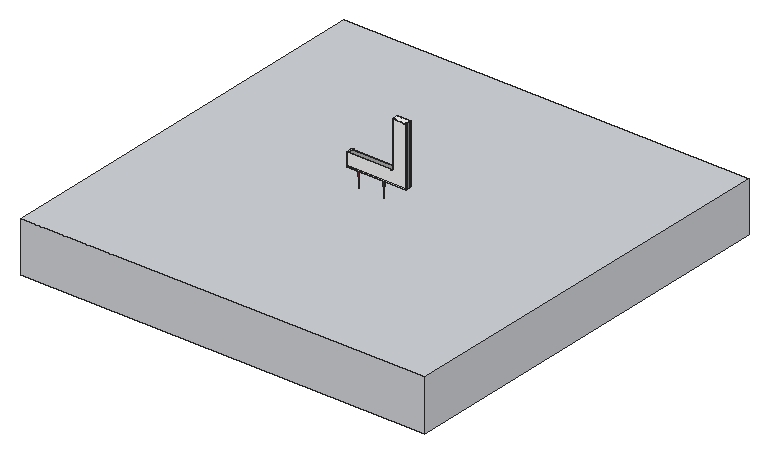
Revit family "LAMP_FIL 35 CORNER OPAL SURFACE VCI", category Luminarias, Revit 2018
Family settings
  Anfitrión = Cara
  Cota de conector redondo = Diámetro de uso
  Tipo de pieza = Normal
  Corte con vacíos al cargar = No
  Origen de luz = Sí
  Compartido = No
  Punto de cálculo de habitación = No
Parameters (values of type "577LM 3000K  BLACK")
  Ángulo de inclinación = -90.00°
  Weight = 1.54 kg
  Wattage = 2.93 W
  Type = "MID POWER TRIDONIC"
  built-in parameter 1150107 = 3000 (stored number, unit not read)
  Second light = LAMP_FIL 35 CORNER OPAL SURFACE HC_SECOND : 3000K
  NOT COVER 2 [instance] = not(END COVER 2)  # no
  NOT COVER 1 [instance] = not(END COVER 1)  # no
  END COVER 2 [instance] = yes
  END COVER 1 [instance] = yes
  Suspension distance [instance] = if(Suspension > 4000 mm, 4000 mm, if(Suspension < 1 mm, 1 mm, Suspension))  # 100 mm
  Suspension [instance] = 100 mm
  built-in parameter 1150110 = 1 (stored number, unit not read)
  built-in parameter 1150109 = 1 (stored number, unit not read)
  built-in parameter 1150112 = 1 (stored number, unit not read)
  built-in parameter 1150113 = 1 (stored number, unit not read)
  built-in parameter 1114218 = 1 (stored number, unit not read)
  Protection rating = "IP20 / IK07"
  Product datasheet = "http://www.lamp.es/product-files/TECH/F31SFVCILOOP830NB-EN.pdf"
  Product code = "F31SFVCILOOP830NB"
  Product URL = "https://www.lamp.es/en/family/fil-35_413911"
  Power Supply = "220-240V 50/60Hz"
  Power = 5 W
  Plum = 6.1 W
  Photobiological risk = ""
  built-in parameter 1150137 = (empty or 0)
  built-in parameter 1150132 = 2
  Modelo = Product code  # "F31SFVCILOOP830NB"
  Model Explanation = ""
  Material suspension = LAMP_Acero genérico
  Material perfil = LAMP_Aluminio Perfil Fil NG
  Material difusor = LAMP_PC Difusor Opal Fil
  Manufacturer name = "LAMP"
  Manufacturer country = "Spain"
  Manufacturer URL = "http://www.lamp.es/en"
  MacAdam = "3"
  Last update = "28/05/2021"
  Lamp = "MID-POWER LED"
  LED Lifetime = "60.000 L80 B10"
  built-in parameter 1150105 = 119.95 (stored number, unit not read)
  built-in parameter 1150102 = (empty or 0)
  Insulation class = "I"
  Installation instructions = "https://www.lamp.es/product-files/INS/1004590-A%20INSTR.%20FIL35.pdf"
  built-in parameter 1150106 = 1.1995 (stored number, unit not read)
  IEE = "A+"
  Gear = "Electronic"
  Lumens = 303.548 lm
  Finish = "Matte black RAL 9011"
  Color Filter = 16777215
  built-in parameter 1114217 = 1 (stored number, unit not read)
  built-in parameter 1150139 = (empty or 0)
  Fabricante = Manufacturer name  # "LAMP"
  Default Elevation = 1219.2 mm
  built-in parameter 1150104 = 9.6248 (stored number, unit not read)
  Efficacy = 94.6 lm/W
  Dimensions = "354x354x35"
  Descripción = "FIL35 VERT. IN. CORNER SUR 800 WW OPAL B"
  built-in parameter 1150115 = 1 (stored number, unit not read)
  built-in parameter 1150114 = 1 (stored number, unit not read)
  built-in parameter 1150138 = (empty or 0)
  built-in parameter 1150134 = 3
  Dimming Lamp Color Temperature Shift = (empty or 0)
  CRI = "80"
  Archivo de red fotométrica = "F31SF084LOOP830NB.IES"
  built-in parameter 1150133 = 10 (stored number, unit not read)
Types (12, lengths in mm): name | built-in parameter 1150107 | Product datasheet | Product code | Modelo | Material perfil | Finish | Descripción | Archivo de red fotométrica
  577LM 3000K DALI BLACK | 3000 (stored number, unit not read) | "http://www.lamp.es/product-files/TECH/F31SFVCILOOP830DB-EN.pdf" | "F31SFVCILOOP830DB" | "F31SFVCILOOP830DB" | LAMP_Aluminio Perfil Fil NG | "Matte black RAL 9011" | "FIL35 VERT IN CORNER SUR 800 WW OP DA BK" | "F31SF084LOOP830NB.IES"
  577LM 3000K DALI GREY | 3000 (stored number, unit not read) | "http://www.lamp.es/product-files/TECH/F31SFVCILOOP830DG-EN.pdf" | "F31SFVCILOOP830DG" | "F31SFVCILOOP830DG" | LAMP_Aluminio Perfil Fil GR | "Gloss grey" | "FIL35 VERT IN CORNER SUR 800 WW OP DA GR" | "F31SF084LOOP830NB.IES"
  577LM 3000K DALI WHITE | 3000 (stored number, unit not read) | "http://www.lamp.es/product-files/TECH/F31SFVCILOOP830DW-EN.pdf" | "F31SFVCILOOP830DW" | "F31SFVCILOOP830DW" | LAMP_Aluminio Perfil Fil BL | "Matte white RAL 9010" | "FIL35 VERT IN CORNER SUR 800 WW OP DA WH" | "F31SF084LOOP830NB.IES"
  577LM 3000K  BLACK | 3000 (stored number, unit not read) | "http://www.lamp.es/product-files/TECH/F31SFVCILOOP830NB-EN.pdf" | "F31SFVCILOOP830NB" | "F31SFVCILOOP830NB" | LAMP_Aluminio Perfil Fil NG | "Matte black RAL 9011" | "FIL35 VERT. IN. CORNER SUR 800 WW OPAL B" | "F31SF084LOOP830NB.IES"
  577LM 3000K  GREY | 3000 (stored number, unit not read) | "http://www.lamp.es/product-files/TECH/F31SFVCILOOP830NG-EN.pdf" | "F31SFVCILOOP830NG" | "F31SFVCILOOP830NG" | LAMP_Aluminio Perfil Fil GR | "Gloss grey" | "FIL35 VERT. IN. CORNER SUR 800 WW OPAL G" | "F31SF084LOOP830NB.IES"
  577LM 3000K  WHITE | 3000 (stored number, unit not read) | "http://www.lamp.es/product-files/TECH/F31SFVCILOOP830NW-EN.pdf" | "F31SFVCILOOP830NW" | "F31SFVCILOOP830NW" | LAMP_Aluminio Perfil Fil BL | "Matte white RAL 9010" | "FIL35 VERT. IN. CORNER SUR 800 WW OPAL W" | "F31SF084LOOP830NB.IES"
  577LM 4000K DALI BLACK | 4000 (stored number, unit not read) | "http://www.lamp.es/product-files/TECH/F31SFVCILOOP840DB-EN.pdf" | "F31SFVCILOOP840DB" | "F31SFVCILOOP840DB" | LAMP_Aluminio Perfil Fil NG | "Matte black RAL 9011" | "FIL35 VERT IN CORNER SUR 800 NW OP DA BK" | "F31SF084LOOP840NB.IES"
  577LM 4000K DALI GREY | 4000 (stored number, unit not read) | "http://www.lamp.es/product-files/TECH/F31SFVCILOOP840DG-EN.pdf" | "F31SFVCILOOP840DG" | "F31SFVCILOOP840DG" | LAMP_Aluminio Perfil Fil GR | "Gloss grey" | "FIL35 VERT IN CORNER SUR 800 NW OP DA GR" | "F31SF084LOOP840NB.IES"
  577LM 4000K DALI WHITE | 4000 (stored number, unit not read) | "http://www.lamp.es/product-files/TECH/F31SFVCILOOP840DW-EN.pdf" | "F31SFVCILOOP840DW" | "F31SFVCILOOP840DW" | LAMP_Aluminio Perfil Fil BL | "Matte white RAL 9010" | "FIL35 VERT IN CORNER SUR 800 NW OP DA WH" | "F31SF084LOOP840NB.IES"
  577LM 4000K  BLACK | 4000 (stored number, unit not read) | "http://www.lamp.es/product-files/TECH/F31SFVCILOOP840NB-EN.pdf" | "F31SFVCILOOP840NB" | "F31SFVCILOOP840NB" | LAMP_Aluminio Perfil Fil NG | "Matte black RAL 9011" | "FIL35 VERT. IN. CORNER SUR 800 NW OPAL B" | "F31SF084LOOP840NB.IES"
  577LM 4000K  GREY | 4000 (stored number, unit not read) | "http://www.lamp.es/product-files/TECH/F31SFVCILOOP840NG-EN.pdf" | "F31SFVCILOOP840NG" | "F31SFVCILOOP840NG" | LAMP_Aluminio Perfil Fil GR | "Gloss grey" | "FIL35 VERT. IN. CORNER SUR 800 NW OPAL G" | "F31SF084LOOP840NB.IES"
  577LM 4000K  WHITE | 4000 (stored number, unit not read) | "http://www.lamp.es/product-files/TECH/F31SFVCILOOP840NW-EN.pdf" | "F31SFVCILOOP840NW" | "F31SFVCILOOP840NW" | LAMP_Aluminio Perfil Fil BL | "Matte white RAL 9010" | "FIL35 VERT. IN. CORNER SUR 800 NW OPAL W" | "F31SF084LOOP840NB.IES"
Reference planes
  plane 1 "Centro (Frontal/Posterior)": y = 0
  plane 2: z = 0
  plane 3 "Centro (Izquierda/Derecha)": x = 0
  plane 4: z = 860.38
Forms (mm)
  Extrusion 1, solid
    sketch origin (0, 0, 0) x (1, 0, 0) y (0, 1, 0)
      loop
        line (-1219.2, 1219.2) -> (-1219.2, -1219.2) -> (1219.2, -1219.2) -> (1219.2, 1219.2) -> (-1219.2, 1219.2)
    from 0 to -304.8
  Extrusion 2, solid, material "LAMP_Acero genérico" <- "Material suspension"
    sketch origin (-540.625, 0, 0) x (0, -1, 0) y (0, 0, 1)
      loop
        line (-12.5, 101) -> (-15.291, 108.272) -> (-13.251, 109.7) -> (-14.251, 109.7) -> (-16.291, 108.272) -> (-13.116, 100) -> (0, 100) -> (13.116, 100) -> (16.291, 108.272) -> (14.251, 109.7) -> (13.251, 109.7) -> (15.291, 108.272) -> (12.5, 101) -> (0, 101) -> (-12.5, 101)
    from -400 to -378
  Extrusion 3, solid, material "LAMP_Acero genérico" <- "Material suspension"
    sketch origin (0, 365, 0) x (1, 0, 0) y (0, 1, 0)
      loop
        circle (0, -365) r 5
    from 63.2 to 100
  Extrusion 4, solid, material "LAMP_Acero genérico" <- "Material suspension"
    sketch origin (-151.625, -365, 0) x (1, 0, 0) y (0, 1, 0)
      loop
        circle (0, 365) r 5
    from 63.2 to 100
  Extrusion 5, solid, material "LAMP_Acero genérico" <- "Material suspension"
    sketch origin (0, 389, 0) x (1, 0, 0) y (0, 1, 0)
      loop
        circle (0, -389) r 1
    from 0 to 63.2
  Extrusion 6, solid, material "LAMP_Acero genérico" <- "Material suspension"
    sketch origin (-151.625, -389, 0) x (1, 0, 0) y (0, 1, 0)
      loop
        circle (0, 389) r 1
    from 0 to 63.2
  Extrusion 7, solid, material "LAMP_Acero genérico" <- "Material suspension"
    sketch origin (389, 0, 0) x (0, -1, 0) y (0, 0, -1)
      loop
        line (-12.5, -101) -> (0, -101) -> (12.5, -101) -> (15.291, -108.272) -> (13.251, -109.7) -> (14.251, -109.7) -> (16.291, -108.272) -> (13.116, -100) -> (0, -100) -> (-13.116, -100) -> (-16.291, -108.272) -> (-14.251, -109.7) -> (-13.251, -109.7) -> (-15.291, -108.272) -> (-12.5, -101)
    from -400 to -378
  Sweep 8, solid, material "LAMP_Aluminio Perfil Fil NG" <- "Material perfil"
    path origin (-656.504, 0, 800.1) x (-1, 0, 0) y (0, 0, -1)
      loop
        line (-761.225, 339.72) -> (-761.225, 654) -> (-446.945, 654)
    profile origin (104.721, 0, 303.24) x (0, -1, 0) y (1, 0, 0)
      loop
        line (17.75, -39.6) -> (17.75, 39.6) -> (16.75, 39.6) -> (16.75, 36.4) -> (12.5, 36.4) -> (12.5, 38.4) -> (14.8, 38.4) -> (13.6, 39.6) -> (11, 39.6) -> (11, 31.6) -> (0, 31.6) -> (-11, 31.6) -> (-11, 39.6) -> (-13.6, 39.6) -> (-14.8, 38.4) -> (-12.5, 38.4) -> (-12.5, 36.4) -> (-16.75, 36.4) -> (-16.75, 39.6) -> (-17.75, 39.6) -> (-17.75, -39.6)
        arc (-17.75, -39.6) -> (-16.75, -40.6) -> (-15.75, -39.6) r 1
        line (-15.75, -39.6) -> (-15.75, -38.1) -> (-13.95, -38.1) -> (-13.95, -12.9) -> (0, -12.9) -> (13.95, -12.9) -> (13.95, -38.1) -> (15.75, -38.1) -> (15.75, -39.6)
        arc (15.75, -39.6) -> (16.75, -40.6) -> (17.75, -39.6) r 1
  Sweep 9, solid, material "LAMP_PC Difusor Opal Fil" <- "Material difusor"
    path origin (0, 0, 228.35) x (1, 0, 0) y (0, 0, 1)
      loop
        line (104.721, 232.03) -> (104.721, -82.25) -> (-209.559, -82.25)
    profile origin (104.721, 0, 303.24) x (0, -1, 0) y (1, 0, 0)
      loop
        line (11, 31.6) -> (11, 39.6) -> (7.529, 39.6) -> (-11, 39.6) -> (-11, 31.6) -> (-10, 31.6) -> (-10, 38.6) -> (10, 38.6) -> (10, 31.6) -> (11, 31.6)
  Sweep 10, solid, material "LAMP_PC Difusor Opal Fil" <- "Material difusor"
    path origin (0, 0, 200) x (1, 0, 0) y (0, 0, 1)
      loop
        line (-209.559, -41) -> (91.821, -41) -> (91.821, 260.38)
    profile origin (-58.869, 0, 159) x (0, 0, 1) y (0, -1, 0)
      loop
        line (27.7, -15.75) -> (27.7, 15.75) -> (25.2, 15.75) -> (25.2, -15.75) -> (27.7, -15.75)
Lines and regions (mm)
  reference lines
    curve 1: line (0, -445.47, 100) -> (0, 544.53, 100)
    curve 2: line (0, 486.165, 184.2) -> (0, -348.835, 184.2)
Text (mm)
  text "Any modification of the parameters and properties of the LAMP BIM models must be executed and validated by the LAMP technical department.\nPhone: +34 93 736 68 00\nE-mail: lamp@lamp.es\n\nLAMP reserves the right to modify the technical specifications of its products." at (3279.264, 5298.162, -2684.539), in view "Preview"
Dimensions and locks
  "Suspension distance": level to curve 1
  locked: Extrusion 3 to Extrusion 3 at 36.8
  locked: Extrusion 4 to Extrusion 4 at 36.8
  curve 1 to curve 2 = 84.2 mm
  Sweep 8 to nested 1 to nested 1 = 136.84 mm locked, 0 mm
  aligned and locked: plane 2 to Extrusion 1
  aligned and locked: level to Extrusion 1
  aligned and locked: curve 1 to Extrusion 7
  aligned and locked: curve 1 to Extrusion 2
  aligned and locked: Extrusion 3 to curve 1
  aligned and locked: Extrusion 4 to curve 1
  aligned and locked: Extrusion 5 to Extrusion 3
  aligned and locked: Extrusion 6 to Extrusion 4
  aligned and locked: Sweep 8 to Extrusion 7
  aligned and locked: Sweep 9 to Sweep 8
  aligned and locked: curve 2 to Sweep 8
  aligned and locked: curve 2 to Sweep 10
  aligned and locked: imposter light to Sweep 10
  aligned and locked: nested 3 to Sweep 8
  aligned and locked: imposter light to nested 2
Automatic sketch dimensions
  Extrusion 1 sketch curve to Extrusion 1 sketch curve = 2438.4 mm  (x2)
  Extrusion 2 sketch curve to plane 1 "Centro (Frontal/Posterior)" = 0 mm  (x2)
  Extrusion 2 sketch curve to Extrusion 2 sketch curve = 12.5 mm
  Extrusion 2 sketch curve to Extrusion 2 sketch curve = 0.616 mm  (x2)
  Extrusion 2 sketch curve to Extrusion 2 sketch curve = 0.751 mm  (x2)
  Extrusion 2 sketch curve to Extrusion 2 sketch curve = 1 mm  (x5)
  Extrusion 2 sketch curve to Extrusion 2 sketch curve = 1.04 mm  (x2)
  plane 1 "Centro (Frontal/Posterior)" to Extrusion 2 sketch curve = 12.5 mm
  level to Extrusion 2 sketch curve = 100 mm
  Extrusion 2 sketch curve to Extrusion 2 sketch curve = 7.272 mm  (x2)
  Extrusion 2 sketch curve to Extrusion 2 sketch curve = 0 mm  (x2)
  Extrusion 2 sketch curve to Extrusion 2 sketch curve = 1.428 mm  (x2)
  plane 1 "Centro (Frontal/Posterior)" to Extrusion 3 sketch curve = 0 mm
  Extrusion 3 sketch curve to plane 3 "Centro (Izquierda/Derecha)" = 0 mm
  plane 1 "Centro (Frontal/Posterior)" to Extrusion 4 sketch curve = 0 mm
  plane 3 "Centro (Izquierda/Derecha)" to Extrusion 4 sketch curve = 151.625 mm
  plane 1 "Centro (Frontal/Posterior)" to Extrusion 5 sketch curve = 0 mm
  Extrusion 5 sketch curve to plane 3 "Centro (Izquierda/Derecha)" = 0 mm
  plane 1 "Centro (Frontal/Posterior)" to Extrusion 6 sketch curve = 0 mm
  plane 3 "Centro (Izquierda/Derecha)" to Extrusion 6 sketch curve = 151.625 mm
  Extrusion 7 sketch curve to plane 1 "Centro (Frontal/Posterior)" = 0 mm  (x2)
  Extrusion 7 sketch curve to plane 1 "Centro (Frontal/Posterior)" = 12.5 mm
  Extrusion 7 sketch curve to Extrusion 7 sketch curve = 0.616 mm  (x2)
  Extrusion 7 sketch curve to Extrusion 7 sketch curve = 0.751 mm  (x2)
  Extrusion 7 sketch curve to Extrusion 7 sketch curve = 1 mm  (x5)
  Extrusion 7 sketch curve to Extrusion 7 sketch curve = 1.04 mm  (x2)
  Extrusion 7 sketch curve to Extrusion 7 sketch curve = 12.5 mm
  level to Extrusion 7 sketch curve = 109.7 mm
  Extrusion 7 sketch curve to Extrusion 7 sketch curve = 0 mm  (x3)
  Extrusion 7 sketch curve to Extrusion 7 sketch curve = 1.428 mm  (x2)
  Extrusion 7 sketch curve to Extrusion 7 sketch curve = 7.272 mm
  plane 3 "Centro (Izquierda/Derecha)" to Sweep 8 sketch curve = 104.721 mm
  level to Sweep 8 sketch curve = 146.1 mm
  Sweep 8 sketch curve to plane 3 "Centro (Izquierda/Derecha)" = 209.559 mm
  Sweep 8 sketch curve to Sweep 8 sketch curve = 314.28 mm
  plane 1 "Centro (Frontal/Posterior)" to Sweep 8 sketch curve = 0 mm  (x2)
  Sweep 8 sketch curve to Sweep 8 sketch curve = 11 mm
  Sweep 8 sketch curve to Sweep 8 sketch curve = 1.5 mm  (x4)
  Sweep 8 sketch curve to Sweep 8 sketch curve = 1.1 mm  (x2)
  Sweep 8 sketch curve to Sweep 8 sketch curve = 13.95 mm
  Sweep 8 sketch curve to Sweep 8 sketch curve = 1.2 mm  (x6)
  Sweep 8 sketch curve to Sweep 8 sketch curve = 1.8 mm  (x2)
  Sweep 8 sketch curve to Sweep 8 sketch curve = 1 mm  (x3)
  plane 1 "Centro (Frontal/Posterior)" to Sweep 8 sketch curve = 11 mm
  plane 1 "Centro (Frontal/Posterior)" to Sweep 8 sketch curve = 13.95 mm
  Sweep 8 sketch curve to Sweep 8 sketch curve = 1.95 mm
  profile plane to Sweep 8 sketch curve = 39.6 mm
  Sweep 8 sketch curve to Sweep 8 sketch curve = 0 mm
  profile plane to Sweep 8 sketch curve = 12.9 mm
  Sweep 8 sketch curve to profile plane = 31.6 mm
  Sweep 8 sketch curve to Sweep 8 sketch curve = 4.8 mm  (x2)
  Sweep 8 sketch curve to Sweep 8 sketch curve = 2 mm  (x2)
  plane 3 "Centro (Izquierda/Derecha)" to Sweep 9 sketch curve = 104.721 mm
  level to Sweep 9 sketch curve = 146.1 mm
  Sweep 9 sketch curve to plane 3 "Centro (Izquierda/Derecha)" = 209.559 mm
  Sweep 9 sketch curve to Sweep 9 sketch curve = 314.28 mm
  Sweep 9 sketch curve to plane 1 "Centro (Frontal/Posterior)" = 11 mm
  Sweep 9 sketch curve to Sweep 9 sketch curve = 1 mm  (x3)
  plane 1 "Centro (Frontal/Posterior)" to Sweep 9 sketch curve = 7.529 mm
  Sweep 9 sketch curve to Sweep 9 sketch curve = 2.471 mm
  Sweep 9 sketch curve to profile plane = 31.6 mm
  Sweep 9 sketch curve to Sweep 9 sketch curve = 0 mm
  Sweep 9 sketch curve to Sweep 9 sketch curve = 7 mm
  Sweep 10 sketch curve to plane 3 "Centro (Izquierda/Derecha)" = 209.559 mm
  plane 3 "Centro (Izquierda/Derecha)" to Sweep 10 sketch curve = 91.821 mm
  level to Sweep 10 sketch curve = 159 mm
  Sweep 10 sketch curve to Sweep 10 sketch curve = 301.38 mm
  Sweep 10 sketch curve to profile plane = 25.2 mm
  Sweep 10 sketch curve to Sweep 10 sketch curve = 2.5 mm
  plane 1 "Centro (Frontal/Posterior)" to Sweep 10 sketch curve = 15.75 mm
  Sweep 10 sketch curve to plane 1 "Centro (Frontal/Posterior)" = 15.75 mm
  plane 1 "Centro (Frontal/Posterior)" to curve 1 = 445.47 mm
  curve 1 to curve 2 = 96.636 mm
  curve 2 to plane 1 "Centro (Frontal/Posterior)" = 486.165 mm
  curve 2 to curve 1 = 58.364 mm
  radius of Extrusion 3 sketch curve = 5 mm
  radius of Extrusion 4 sketch curve = 5 mm
  radius of Extrusion 5 sketch curve = 1 mm
  radius of Extrusion 6 sketch curve = 1 mm
Nested families
  nested 1: "LAMP_FIL 35 CORNER OPAL SURFACE HC_SECOND" at (64.121, -0.014, -1176.46), type "3000K"
  nested 2: "LAMP_FIL 35 END COVER SURFACE" at (-210.959, -0.05, 106.2) x (0, -1, 0) z (0, 0, 1), visible <- "END COVER 1", type "Blanco"
  nested 3: "LAMP_FIL 35 END COVER SURFACE_90" at (104.371, -0.05, 421.53) x (0, -1, 0) z (0, 0, 1), visible <- "END COVER 2", type "Blanco"
Connectors
  electrical at (-151.625, 0, 100)
    settings: on Extrusion 4, index 1, voltage 230 V, apparent load 0 VA, apparent load phase1 0 VA, apparent load phase2 0 VA, apparent load phase3 0 VA, power factor 1, load classification "Otro", number of poles 1, system type 31, power factor state 1, is connector primary yes, connector utility no, sub classification motor no, connector description ""
Definition of nested family "LAMP_FIL 35 END COVER SURFACE"
  Parameters (values of type "Blanco")
    Material tapa = none
  Reference planes
    plane 1 "Centro (Frontal/Posterior)": y = 0
    plane 2: z = 0
    plane 3 "Centro (Izquierda/Derecha)": x = 0
  Forms (mm)
    Extrusion 1, solid, material <- "Material tapa"
      sketch origin (0, 0, 0) x (0, -1, 0) y (0, 0, 1)
        loop
          line (0, 0) -> (1.4, 0) -> (1.4, 80.5) -> (-1.4, 80.5) -> (-1.4, 0) -> (0, 0)
      from -17.8 to 17.8
  Dimensions and locks
    aligned and locked: level to plane 2
Definition of nested family "LAMP_FIL 35 END COVER SURFACE_90"
  Parameters (values of type "Blanco")
    Material tapa = none
  Reference planes
    plane 1 "Centro (Frontal/Posterior)": y = 0
    plane 2: z = 0
    plane 3 "Centro (Izquierda/Derecha)": x = 0
  Forms (mm)
    Extrusion 1, solid, material <- "Material tapa"
      sketch origin (0, 40.25, 40.25) x (0, 0, -1) y (0, -1, 0)
        loop
          line (0, 0) -> (1.4, 0) -> (1.4, 80.5) -> (-1.4, 80.5) -> (-1.4, 0) -> (0, 0)
      from -17.8 to 17.8
  Dimensions and locks
    aligned and locked: level to plane 2
Definition of nested family "LAMP_FIL 35 CORNER OPAL SURFACE HC_SECOND"
  Parameters (values of type "3000K")
    Tilt Angle = -90.00°
    Wattage = 2.93 W
    built-in parameter 1150110 = 1 (stored number, unit not read)
    built-in parameter 1114217 = 1 (stored number, unit not read)
    built-in parameter 1150109 = 1 (stored number, unit not read)
    built-in parameter 1150134 = (empty or 0)
    built-in parameter 1150113 = 1 (stored number, unit not read)
    Lumens = 303.665 lm
    built-in parameter 1150115 = 1 (stored number, unit not read)
    built-in parameter 1150105 = 24.165 (stored number, unit not read)
    built-in parameter 1150137 = (empty or 0)
    built-in parameter 1150139 = (empty or 0)
    built-in parameter 1150112 = 1 (stored number, unit not read)
    built-in parameter 1150114 = 1 (stored number, unit not read)
    built-in parameter 1150132 = 2
    built-in parameter 1150102 = (empty or 0)
    built-in parameter 1150138 = (empty or 0)
    built-in parameter 1150107 = 3000 (stored number, unit not read)
    built-in parameter 1150106 = 0.24165 (stored number, unit not read)
    built-in parameter 1150104 = 9.6285 (stored number, unit not read)
    Dimming Lamp Color Temperature Shift = (empty or 0)
    Color Filter = 16777215
    built-in parameter 1114218 = 1 (stored number, unit not read)
    Photometric Web File = "F31SF084LOOP830NB.IES"
    built-in parameter 1150133 = 10 (stored number, unit not read)
  Types (3, lengths in mm): name | built-in parameter 1150105 | built-in parameter 1150106 | Photometric Web File
    (no name) | 24.165 (stored number, unit not read) | 0.24165 (stored number, unit not read) | "F31SF084LOOP830NB.IES"
    3000K | 24.165 (stored number, unit not read) | 0.24165 (stored number, unit not read) | "F31SF084LOOP830NB.IES"
    4000K | 119.99 (stored number, unit not read) | 1.1999 (stored number, unit not read) | "F31SF084LOOP840NB.IES"
  Reference planes
    plane 1 "Eje de origen de luz (F/P)": y = 0
    plane 2: z = 0
    plane 3 "Eje de origen de luz (I/D)": x = 0
    plane 4 "Elevación de origen de luz": z = 1500
  Dimensions and locks
    aligned and locked: plane 3 "Eje de origen de luz (I/D)" to imposter light
    aligned and locked: plane 1 "Eje de origen de luz (F/P)" to imposter light
    aligned and locked: plane 4 "Elevación de origen de luz" to imposter light
    aligned and locked: level to plane 2
